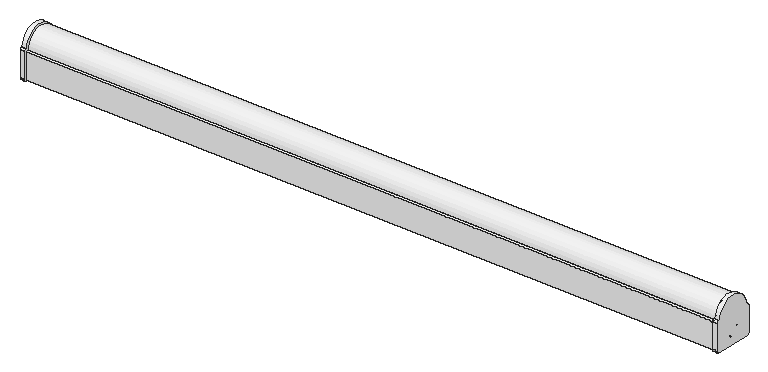
Revit family "0045197 Feilo Sylvania Lighting Fixture SYLBATTEN LED5-5 6000K DALI TP5 ", category Lighting Fixtures, host Face, Revit 2017
Family settings
  Host = Face
  Round Connector Dimension = Use Diameter
  Part Type = Normal
  OmniClass Number = 23.80.70.00
  OmniClass Title = Lighting
  Cut with Voids When Loaded = No
  Light Source = Yes
  Shared = No
  Room Calculation Point = No
Parameters (values of type "0045197 SYLBATTEN LED5.5 6000K DALI TP5")
  Width_FEILO = 66 mm
  Weight = "2.684 kg"
  Wattage Comments = "n/a"
  Wattage = 53 W
  WarrantyStartDate [instance] = "n/a"
  WarrantyGuarantorParts = "n/a"
  WarrantyDurationUnit = "n/a"
  WarrantyDurationParts = "n/a"
  WarrantyDescription = "n/a"
  built-in parameter 1150110 = 1 (stored number, unit not read)
  Voltage = 230 V
  URL = "http://www.sylvania-lighting.com"
  TypeName = "SYLBATTEN LED5.5 6000K DALI TP5"
  Type Image = <None>
  Type Comments = "n/a"
  built-in parameter 1114217 = 1 (stored number, unit not read)
  Tilt Angle = -90.00°
  built-in parameter 1150109 = 1 (stored number, unit not read)
  built-in parameter 1150134 = 5
  SymReflector_FEILO = no
  built-in parameter 1150113 = 1 (stored number, unit not read)
  SerialNumber [instance] = "n/a"
  PowerFactor = 0
  PowerConsumption = "53 W"
  Photometric Web File = "0045197.ies"
  NominalLength = 1205 mm
  NominalHeight = 76 mm
  NominalDepth = 66 mm
  Name = "SYLBATTEN LED5.5 6000K DALI TP5"
  ModelReference = Name  # "SYLBATTEN LED5.5 6000K DALI TP5"
  ModelNumber = "0045197"
  Model = Name  # "SYLBATTEN LED5.5 6000K DALI TP5"
  Material_4_FEILO = Reflector-Sylvania-Sylbatten-White
  Material_3_FEILO = Diffuser-Sylvania-Sylbatten-Glow
  Material_2_FEILO = Body-Sylvania-Sylbatten-White
  Material_1_FEILO = Body-Sylvania-Sylbatten-White
  Material = "sheet steel housing, polycarbonate diffuser"
  ManufacturerName = "Feilo Sylvania"
  Manufacturer = "Feilo Sylvania"
  LuminousEfficacy = "111 lm/W"
  built-in parameter 1150105 = 468.15 (stored number, unit not read)
  Lumens = 5883 lm
  LuminaireType = ""
  built-in parameter 1150115 = 1 (stored number, unit not read)
  LightOutputRatio = "100"
  built-in parameter 1150137 = (empty or 0)
  built-in parameter 1150139 = (empty or 0)
  Length_FEILO = 1205 mm
  LampsType = Lamp  # "LED"
  LampNominalLuminous = "5883 lm"
  LampMacAdamStep = "n/a"
  LampColourTemperature = "6000 K"
  LampColourRenderingIndex = "80"
  built-in parameter 1150112 = 1 (stored number, unit not read)
  built-in parameter 1150114 = 1 (stored number, unit not read)
  Lamp = "LED"
  Keynote = "16500"
  InstallationDate [instance] = "n/a"
  InputVoltage = "220-240V~"
  InputNominalFrequency = "n/a"
  built-in parameter 1150132 = (empty or 0)
  built-in parameter 1150102 = (empty or 0)
  built-in parameter 1150107 = 6000 (stored number, unit not read)
  built-in parameter 1150138 = (empty or 0)
  IngressProtection = "IP20"
  ImpactProtectionIndex = "IK07"
  built-in parameter 1150106 = 4.6815 (stored number, unit not read)
  IfcExportType = "IfcLightFixtureType"
  IfcExportAs = "IfcLightFixtureType"
  Height_FEILO = 76 mm
  ExpectedLife = 50000
  Emit from Rectangle Width = Length_FEILO - 16 mm  # 1189 mm
  Emit from Rectangle Length = Width_FEILO - 40 mm  # 26 mm
  Emit Shape Visible in Rendering = no
  ElectricShockClassification = "Class I"
  built-in parameter 1150104 = 10.312 (stored number, unit not read)
  DurationUnit = "hours"
  DocumentationLiterature = "http://www.sylvania-lighting.com/product/en-int/products/0045197"
  DimmingControlOptions = "Dimmable"
  Dimming Lamp Color Temperature Shift = <None>
  Description = "LED batten, T8 replacement, ease of installation through 2 part push-in design of the housing (safety cable included), through wiring capability (TP5 = 5 core), sheet steel, 5883LM, 53W, 111lm/W, 6000K, drive current: 350mA, CRI 80, 138° wide beam angle, DALI dimmable, IP20, IK07, 50,000 hrs (L70), (LxWxH) 1205x66x76mm, 5 step MacAdam ellipse, 3kg, white RAL 9016, Class 1, 220-240V, energy class: A++, A+, A."
  Default Elevation = 1219.2 mm
  CreatedOn = "2/22/2018"
  CreatedBy = ""
  Cost = 0
  Color Filter = 16777215
  built-in parameter 1114216 [instance] = (empty or 0)
  ClassificationValue = "EF_70_80"
  ClassificationName = "Uniclass2015"
  CapOffset_FEILO = 2 mm
  BarCode [instance] = "n/a"
  built-in parameter 1114218 = 1 (stored number, unit not read)
  BackReflector_FEILO = and(not(AsymReflector_FEILO), SymReflector_FEILO)  # no
  built-in parameter 1150133 = 10 (stored number, unit not read)
  FrontReflector_FEILO = or(AsymReflector_FEILO, SymReflector_FEILO)  # no
  AsymReflector_FEILO = no
  AssetType = "Fixed"
  AssetIdentifier [instance] = "n/a"
  Assembly Code = "D5020200"
  Apparent Load = 53 VA
Reference planes
  plane 1 "Center (Front/Back)": y = 0
  plane 2: z = 0
  plane 3 "Center (Left/Right)": x = 0
  plane 4: x = 602.5
  plane 5: x = -602.5
  plane 6: y = 33
  plane 7: y = -33
  plane 8: z = 76
  plane 9: z = 47
  plane 10: y = -29
  plane 11: y = 29
  plane 12: z = 20
  plane 13: z = 74
  plane 14: y = -31
  plane 15: y = -27
  plane 16: y = 27
  plane 17: y = 31
  plane 18: z = 2
  plane 19: x = -594.5
  plane 20: x = 594.5
  plane 21: z = 49
  plane 22: y = 1
  plane 23: y = -1
  plane 24: z = 21
  plane 25: z = 19
  plane 26: y = -61
  plane 27: y = 61
  plane 28: y = -56
  plane 29: y = 56
  plane 30: z = 91
  plane 31: z = 88
Forms (mm)
  Extrusion 1, solid, material "Body-Sylvania-Sylbatten-White" <- "Material_2_FEILO"
    sketch origin (0, 0, 0) x (0, 1, 0) y (0, 0, 1)
      loop
        line (-31, 2) -> (31, 2) -> (31, 45)
        arc (31, 45) -> (30.414, 46.414) -> (29, 47) r 2
        line (29, 47) -> (27, 47)
        arc (27, 47) -> (0, 74) -> (-27, 47) r 27
        line (-27, 47) -> (-29, 47)
        arc (-29, 47) -> (-30.414, 46.414) -> (-31, 45) r 2
        line (-31, 45) -> (-31, 2)
    from -594.5 to 594.5
  Extrusion 2, solid, material "Body-Sylvania-Sylbatten-White" <- "Material_2_FEILO"
    sketch origin (602.5, 1524, 1219.2) x (0, 1, 0) y (0, 0, 1)
      loop
        arc (-1494, -1219.2) -> (-1491.879, -1218.321) -> (-1491, -1216.2) r 3
        line (-1491, -1216.2) -> (-1491, -1173.2)
        arc (-1491, -1173.2) -> (-1491.879, -1171.079) -> (-1494, -1170.2) r 3
        line (-1494, -1170.2) -> (-1495.069, -1170.2)
        arc (-1495.069, -1170.2) -> (-1524, -1143.2) -> (-1552.931, -1170.2) r 29
        line (-1552.931, -1170.2) -> (-1554, -1170.2)
        arc (-1554, -1170.2) -> (-1556.121, -1171.079) -> (-1557, -1173.2) r 3
        line (-1557, -1173.2) -> (-1557, -1216.2)
        arc (-1557, -1216.2) -> (-1556.121, -1218.321) -> (-1554, -1219.2) r 3
        line (-1554, -1219.2) -> (-1494, -1219.2)
      loop
        arc (-1525, -1189.25) -> (-1531.071, -1192.129) -> (-1533.95, -1198.2) r 10
        line (-1533.95, -1198.2) -> (-1532.944, -1198.2)
        arc (-1532.944, -1198.2) -> (-1530.364, -1192.836) -> (-1525, -1190.256) r 9
        line (-1525, -1190.256) -> (-1525, -1189.25)
      loop
        arc (-1523, -1190.256) -> (-1517.636, -1192.836) -> (-1515.056, -1198.2) r 9
        line (-1515.056, -1198.2) -> (-1514.05, -1198.2)
        arc (-1514.05, -1198.2) -> (-1516.929, -1192.129) -> (-1523, -1189.25) r 10
        line (-1523, -1189.25) -> (-1523, -1190.256)
      loop
        line (-1532.944, -1200.2) -> (-1533.95, -1200.2)
        arc (-1533.95, -1200.2) -> (-1531.071, -1206.271) -> (-1525, -1209.15) r 10
        line (-1525, -1209.15) -> (-1525, -1208.144)
        arc (-1525, -1208.144) -> (-1530.364, -1205.564) -> (-1532.944, -1200.2) r 9
      loop
        arc (-1515.056, -1200.2) -> (-1517.636, -1205.564) -> (-1523, -1208.144) r 9
        line (-1523, -1208.144) -> (-1523, -1209.15)
        arc (-1523, -1209.15) -> (-1516.929, -1206.271) -> (-1514.05, -1200.2) r 10
        line (-1514.05, -1200.2) -> (-1515.056, -1200.2)
    from 0 to -8
  Extrusion 3, solid, material "Body-Sylvania-Sylbatten-White" <- "Material_2_FEILO"
    sketch origin (-602.5, 1524, 1219.2) x (0, 1, 0) y (0, 0, 1)
      loop
        arc (-1495.069, -1170.2) -> (-1524, -1143.2) -> (-1552.931, -1170.2) r 29
        line (-1552.931, -1170.2) -> (-1554, -1170.2)
        arc (-1554, -1170.2) -> (-1556.121, -1171.079) -> (-1557, -1173.2) r 3
        line (-1557, -1173.2) -> (-1557, -1216.2)
        arc (-1557, -1216.2) -> (-1556.121, -1218.321) -> (-1554, -1219.2) r 3
        line (-1554, -1219.2) -> (-1494, -1219.2)
        arc (-1494, -1219.2) -> (-1491.879, -1218.321) -> (-1491, -1216.2) r 3
        line (-1491, -1216.2) -> (-1491, -1173.2)
        arc (-1491, -1173.2) -> (-1491.879, -1171.079) -> (-1494, -1170.2) r 3
        line (-1494, -1170.2) -> (-1495.069, -1170.2)
      loop
        line (-1533.95, -1198.2) -> (-1532.944, -1198.2)
        arc (-1532.944, -1198.2) -> (-1530.364, -1192.836) -> (-1525, -1190.256) r 9
        line (-1525, -1190.256) -> (-1525, -1189.25)
        arc (-1525, -1189.25) -> (-1531.071, -1192.129) -> (-1533.95, -1198.2) r 10
      loop
        line (-1523, -1189.25) -> (-1523, -1190.256)
        arc (-1523, -1190.256) -> (-1517.636, -1192.836) -> (-1515.056, -1198.2) r 9
        line (-1515.056, -1198.2) -> (-1514.05, -1198.2)
        arc (-1514.05, -1198.2) -> (-1516.929, -1192.129) -> (-1523, -1189.25) r 10
      loop
        line (-1514.05, -1200.2) -> (-1515.056, -1200.2)
        arc (-1515.056, -1200.2) -> (-1517.636, -1205.564) -> (-1523, -1208.144) r 9
        line (-1523, -1208.144) -> (-1523, -1209.15)
        arc (-1523, -1209.15) -> (-1516.929, -1206.271) -> (-1514.05, -1200.2) r 10
      loop
        line (-1525, -1209.15) -> (-1525, -1208.144)
        arc (-1525, -1208.144) -> (-1530.364, -1205.564) -> (-1532.944, -1200.2) r 9
        line (-1532.944, -1200.2) -> (-1533.95, -1200.2)
        arc (-1533.95, -1200.2) -> (-1531.071, -1206.271) -> (-1525, -1209.15) r 10
    from 0 to 8
  Extrusion 4, solid, material "Reflector-Sylvania-Sylbatten-White" <- "Material_4_FEILO", visible <- "FrontReflector_FEILO"
    sketch origin (0, 0, 0) x (0, 1, 0) y (0, 0, 1)
      loop
        line (-61.257, 88.429) -> (-60.743, 87.571) -> (-56.621, 90.044)
        arc (-56.621, 90.044) -> (-56.237, 90.099) -> (-55.929, 89.863) r 0.5
        line (-55.929, 89.863) -> (-31.435, 46.753) -> (-30.565, 47.247) -> (-55.312, 90.802)
        arc (-55.312, 90.802) -> (-55.928, 91.275) -> (-56.696, 91.165) r 1
        line (-56.696, 91.165) -> (-61.257, 88.429)
    from -594.5 to 594.5
  Extrusion 5, solid, material "Reflector-Sylvania-Sylbatten-White" <- "Material_4_FEILO", visible <- "BackReflector_FEILO"
    sketch origin (0, 0, 0) x (0, 1, 0) y (0, 0, 1)
      loop
        line (30.565, 47.247) -> (31.435, 46.753) -> (55.932, 89.868)
        arc (55.932, 89.868) -> (56.245, 90.112) -> (56.638, 90.062) r 0.518
        line (56.638, 90.062) -> (61.033, 87.565) -> (61.527, 88.435) -> (56.682, 91.188)
        arc (56.682, 91.188) -> (55.922, 91.282) -> (55.318, 90.812) r 1
        line (55.318, 90.812) -> (30.565, 47.247)
    from -594.5 to 594.5
Lines and regions (mm)
  reference lines
    curve 1: line (0, -61, 88) -> (0, -56, 91)
    curve 2: line (0, -56, 91) -> (0, -31, 47)
    curve 3: line (0, 31, 47) -> (0, 56, 91)
    curve 4: line (0, 56, 91) -> (0, 61.28, 88)
Dimensions and locks
  equal spacing: plane 5, plane 3 "Center (Left/Right)", plane 4
  equal spacing: plane 7, plane 1 "Center (Front/Back)", plane 6
  "Width_FEILO": plane 7 to plane 6
  "Length_FEILO": plane 5 to plane 4
  "Height_FEILO": plane 8 to plane 2
  locked: plane 9 to plane 8 at 29
  equal spacing: plane 10, plane 1 "Center (Front/Back)", plane 11
  locked: plane 7 to plane 10 at 4
  locked: plane 12 to plane 2 at 20
  "CapOffset_FEILO": plane 13 to plane 8
  "CapOffset_FEILO": plane 7 to plane 14
  "CapOffset_FEILO": plane 10 to plane 15
  "CapOffset_FEILO": plane 17 to plane 6
  "CapOffset_FEILO": plane 16 to plane 11
  "CapOffset_FEILO": plane 18 to plane 2
  locked: plane 14 to Extrusion 1 sketch curve at 2
  locked: Extrusion 1 sketch curve to plane 9 at 2  (x2)
  locked: plane 16 to Extrusion 1 sketch curve at 2
  equal spacing: plane 19, plane 3 "Center (Left/Right)", plane 20
  locked: plane 5 to plane 19 at 8
  "CapOffset_FEILO": plane 9 to plane 21
  locked: Extrusion 2 sketch curve to plane 2 at 47
  locked: Extrusion 1 sketch curve to plane 2 at 47
  locked: Extrusion 2 sketch curve to plane 2 at 3  (x2)
  locked: plane 7 to Extrusion 2 sketch curve at 3  (x2)
  locked: Extrusion 2 sketch curve to plane 6 at 3  (x2)
  locked: Extrusion 2 sketch curve to plane 21 at 3  (x2)
  equal spacing: plane 23, plane 1 "Center (Front/Back)", plane 22
  equal spacing: plane 25, plane 12, plane 24
  plane 30 to plane 31 to plane 2 = 3 mm locked, 88 mm locked
  plane 28 to plane 29 = 112 mm
  plane 26 to plane 27 = 122 mm
  aligned and locked: plane 2 to host face
  aligned and locked: level to host face
  aligned and locked: plane 18 to Extrusion 1 sketch curve
  aligned and locked: plane 14 to Extrusion 1 sketch curve
  aligned and locked: Extrusion 1 sketch curve to plane 9  (x2)
  aligned and locked: Extrusion 1 sketch curve to plane 17
  aligned and locked: plane 15 to Extrusion 1 sketch curve
  aligned and locked: plane 16 to Extrusion 1 sketch curve
  aligned and locked: plane 9 to Extrusion 1 sketch curve
  aligned and locked: plane 20 to Extrusion 1
  aligned and locked: level to Extrusion 2 sketch curve
  aligned and locked: Extrusion 2 sketch curve to plane 7
  aligned and locked: plane 21 to Extrusion 2 sketch curve
  aligned and locked: Extrusion 2 sketch curve to plane 21
  aligned and locked: plane 1 "Center (Front/Back)" to Extrusion 2 sketch curve  (x3)
  aligned and locked: Extrusion 2 to Extrusion 1
  aligned and locked: plane 4 to Extrusion 2
  aligned and locked: plane 12 to Extrusion 2 sketch curve  (x2)
  aligned and locked: Extrusion 2 sketch curve to plane 22
  aligned and locked: Extrusion 2 sketch curve to plane 23
  aligned and locked: Extrusion 2 sketch curve to plane 24
  aligned and locked: Extrusion 2 sketch curve to plane 25
  aligned and locked: plane 25 to Extrusion 2 sketch curve
  aligned and locked: plane 22 to Extrusion 2 sketch curve
  aligned and locked: plane 24 to Extrusion 2 sketch curve
  aligned and locked: plane 23 to Extrusion 2 sketch curve  (x2)
  aligned and locked: Extrusion 3 sketch curve to Extrusion 2  (x22)
  aligned and locked: Extrusion 3 to Extrusion 1
  aligned and locked: Extrusion 3 to plane 5
  aligned and locked: plane 19 to Extrusion 3
  aligned and locked: plane 31 to curve 1
  aligned and locked: plane 30 to curve 1
  aligned and locked: plane 14 to curve 2
  aligned and locked: plane 9 to curve 2
  aligned and locked: plane 17 to curve 3
  aligned and locked: plane 30 to curve 3
  aligned and locked: plane 31 to curve 4
  aligned and locked: Extrusion 4 sketch curve to curve 2
  aligned and locked: Extrusion 4 sketch curve to curve 1
  aligned and locked: Extrusion 4 to Extrusion 1
  aligned and locked: Extrusion 1 to Extrusion 4
  aligned and locked: imposter light to plane 1 "Center (Front/Back)"
  aligned and locked: imposter light to plane 3 "Center (Left/Right)"
  aligned and locked: imposter light to plane 13
  aligned and locked: Extrusion 5 sketch curve to curve 4
  aligned and locked: Extrusion 5 sketch curve to curve 3
  aligned and locked: Extrusion 1 to Extrusion 5
  aligned and locked: Extrusion 5 to Extrusion 1
Automatic sketch dimensions
  host sketch curve to host sketch curve = 2438.4 mm  (x2)
  Extrusion 2 sketch curve to Extrusion 2 sketch curve = 0 mm  (x14)
  Extrusion 2 sketch curve to plane 10 = 0.069 mm
  plane 23 to Extrusion 2 sketch curve = 8.95 mm
  Extrusion 2 sketch curve to Extrusion 2 sketch curve = 1.006 mm  (x4)
  Extrusion 2 sketch curve to plane 22 = 7.944 mm
  curve 1 to plane 26 = 0 mm
  curve 2 to plane 28 = 0 mm
  curve 4 to plane 29 = 0 mm
  plane 9 to curve 3 = 0 mm
  plane 26 to Extrusion 4 sketch curve = 0.257 mm
  Extrusion 4 sketch curve to plane 26 = 0.257 mm
  Extrusion 4 sketch curve to plane 30 = 0.165 mm
  plane 28 to Extrusion 4 sketch curve = 0.696 mm
  plane 28 to Extrusion 4 sketch curve = 0.621 mm
  plane 28 to Extrusion 4 sketch curve = 0.364 mm
  plane 28 to Extrusion 4 sketch curve = 0.182 mm
  Extrusion 4 sketch curve to plane 28 = 0.071 mm
  plane 30 to Extrusion 4 sketch curve = 0.198 mm
  Extrusion 4 sketch curve to plane 28 = 0.688 mm
  plane 9 to Extrusion 4 sketch curve = 0.247 mm
  plane 1 "Center (Front/Back)" to Extrusion 4 sketch curve = 31.435 mm
  Extrusion 5 sketch curve to plane 9 = 0.247 mm
  Extrusion 5 sketch curve to plane 1 "Center (Front/Back)" = 30.565 mm
  plane 9 to Extrusion 5 sketch curve = 0.247 mm
  plane 30 to Extrusion 5 sketch curve = 0.188 mm
  plane 29 to Extrusion 5 sketch curve = 0.068 mm
  Extrusion 5 sketch curve to plane 29 = 0.188 mm
  Extrusion 5 sketch curve to plane 29 = 0.382 mm
  Extrusion 5 sketch curve to Extrusion 5 sketch curve = 0.256 mm
  Extrusion 5 sketch curve to plane 30 = 0.188 mm
  Extrusion 5 sketch curve to plane 29 = 0.682 mm
  Extrusion 5 sketch curve to plane 27 = 0.033 mm
  Extrusion 5 sketch curve to plane 27 = 0.527 mm
Connectors
  electrical at (0, 0, 0), driven by "Apparent Load", driven by "PowerFactor", driven by "Voltage"
    settings: index 1, voltage 230 V, apparent load 53 VA, apparent load phase1 0 VA, apparent load phase2 0 VA, apparent load phase3 0 VA, power factor 0, load classification "Lighting", number of poles 1, system type 30, power factor state 1, is connector primary yes, connector utility no, sub classification motor no, connector description ""
